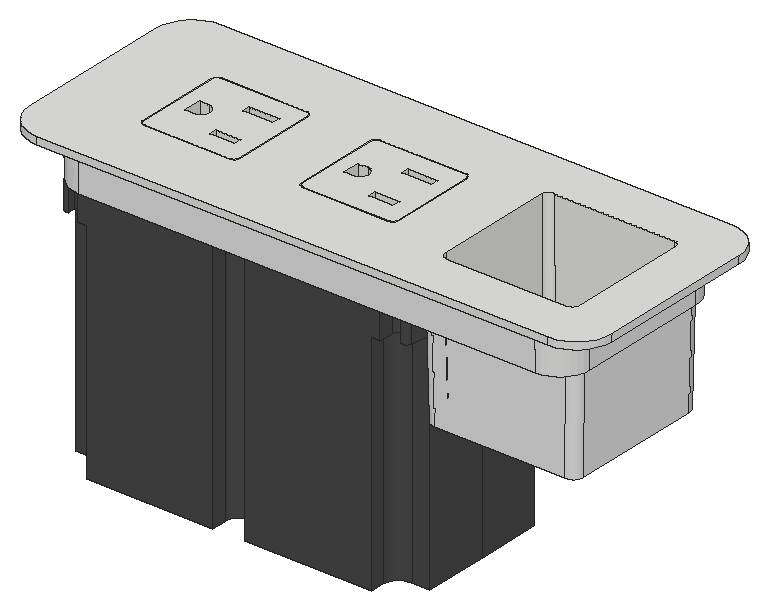
Revit family "Electrical-Teknion-YEFPW_Flush_Power_Module_WE_Connect-R2022", category Furniture, Revit 2023 (continued)
Lines and regions (in)
  symbolic lines, style "FurnitureHiddenLines", visible <- "2D - T", detail levels medium+fine
    curve 99: line (2.89349, -0.74041, 0) -> (2.89349, 0.74041, 0)
    curve 100: arc (2.89349, 0.74041, 0) -> (2.79331, 0.98226, 0) -> (2.55147, 1.08243, 0) r 0.34202
    curve 101: line (-1.03481, 0.9944, 0) -> (-2.54164, 0.9944, 0)
    curve 102: arc (-2.54164, 0.9944, 0) -> (-2.55736, 0.79927, 0) -> (-2.75309, 0.79569, 0) r 0.1458
    curve 103: arc (-2.75309, 0.79569, 0) -> (-2.7867, 0.80062, 0) -> (-2.80509, 0.77206, 0) r 0.03136
    curve 104: line (-2.80509, 0.77206, 0) -> (-2.80509, -0.77206, 0)
    curve 105: arc (-2.80509, -0.77206, 0) -> (-2.7867, -0.80062, 0) -> (-2.75309, -0.79569, 0) r 0.03136
    curve 106: arc (-2.75309, -0.79569, 0) -> (-2.55736, -0.79927, 0) -> (-2.54164, -0.9944, 0) r 0.1458
    curve 107: line (-2.54164, -0.9944, 0) -> (-1.03481, -0.9944, 0)
    curve 108: arc (-1.03481, -0.9944, 0) -> (-0.88555, -0.73179, 0) -> (-0.73628, -0.9944, 0) r 0.17373
    curve 109: line (-0.73628, -0.9944, 0) -> (0.77001, -0.9944, 0)
    curve 110: arc (0.77001, -0.9944, 0) -> (0.78574, -0.79927, 0) -> (0.98147, -0.79569, 0) r 0.1458
    curve 111: arc (0.98147, -0.79569, 0) -> (1.01508, -0.80062, 0) -> (1.03346, -0.77206, 0) r 0.03136
    curve 112: line (1.03346, -0.77206, 0) -> (1.03346, 0.77206, 0)
    curve 113: arc (1.03346, 0.77206, 0) -> (1.01508, 0.80062, 0) -> (0.98147, 0.79569, 0) r 0.03136
    curve 114: arc (0.98147, 0.79569, 0) -> (0.78574, 0.79927, 0) -> (0.77001, 0.9944, 0) r 0.1458
    curve 115: line (0.77001, 0.9944, 0) -> (-0.73628, 0.9944, 0)
    curve 116: arc (-0.73628, 0.9944, 0) -> (-0.88555, 0.73179, 0) -> (-1.03481, 0.9944, 0) r 0.17373
    curve 117: line (2.71611, 0.8657, 0) -> (1.2209, 0.8657, 0)
    curve 118: arc (1.2209, 0.8657, 0) -> (1.13739, 0.83111, 0) -> (1.10281, 0.74761, 0) r 0.11809
    curve 119: line (1.10281, 0.74761, 0) -> (1.10281, -0.74761, 0)
    curve 120: arc (1.10281, -0.74761, 0) -> (1.13739, -0.83111, 0) -> (1.2209, -0.8657, 0) r 0.11809
    curve 121: line (1.2209, -0.8657, 0) -> (2.71611, -0.8657, 0)
    curve 122: arc (2.71611, -0.8657, 0) -> (2.79961, -0.83111, 0) -> (2.8342, -0.74761, 0) r 0.11809
    curve 123: line (2.8342, -0.74761, 0) -> (2.8342, 0.74761, 0)
    curve 124: arc (2.8342, 0.74761, 0) -> (2.79961, 0.83111, 0) -> (2.71611, 0.8657, 0) r 0.11809
    curve 133: line (2.44072, 0.72054, 0) -> (1.49629, 0.72054, 0)
    curve 134: line (1.54479, 0.64593, 0) -> (2.39221, 0.64593, 0)
    curve 135: line (1.32258, -0.42371, 0) -> (1.32258, 0.42371, 0)
    curve 136: line (1.24796, 0.47221, 0) -> (1.24796, -0.47221, 0)
    curve 137: arc (1.24796, 0.47221, 0) -> (1.50226, 0.46625, 0) -> (1.49629, 0.72054, 0) r 0.17579
    curve 138: arc (2.44072, 0.72054, 0) -> (2.43475, 0.46625, 0) -> (2.68905, 0.47221, 0) r 0.17579
    curve 139: line (2.61443, 0.42371, 0) -> (2.61443, -0.42371, 0)
    curve 140: line (2.68905, -0.47221, 0) -> (2.68905, 0.47221, 0)
    curve 141: line (2.39221, -0.64593, 0) -> (1.54479, -0.64593, 0)
    curve 142: line (1.49629, -0.72054, 0) -> (2.44072, -0.72054, 0)
    curve 143: arc (1.49629, -0.72054, 0) -> (1.50226, -0.46625, 0) -> (1.24796, -0.47221, 0) r 0.17579
    curve 144: arc (2.68905, -0.47221, 0) -> (2.43475, -0.46625, 0) -> (2.44072, -0.72054, 0) r 0.17579
  symbolic lines, style "Furniture", visible <- "2D - T"
    curve 125: line (1.2191, 0.67068, 0) -> (1.2191, -0.67068, 0)
    curve 126: line (1.29783, -0.74941, 0) -> (2.63918, -0.74941, 0)
    curve 127: arc (1.2191, -0.67068, 0) -> (1.24216, -0.72635, 0) -> (1.29783, -0.74941, 0) r 0.07873
    curve 128: line (2.71791, -0.67068, 0) -> (2.71791, 0.67068, 0)
    curve 129: arc (2.63918, -0.74941, 0) -> (2.69485, -0.72635, 0) -> (2.71791, -0.67068, 0) r 0.07873
    curve 130: line (2.63918, 0.74941, 0) -> (1.29783, 0.74941, 0)
    curve 131: arc (2.71791, 0.67068, 0) -> (2.69485, 0.72635, 0) -> (2.63918, 0.74941, 0) r 0.07873
    curve 132: arc (1.29783, 0.74941, 0) -> (1.24216, 0.72635, 0) -> (1.2191, 0.67068, 0) r 0.07873
  symbolic lines, visible <- "2D - T"
    curve 145: line (-2.24545, 0.54271, 0) -> (-1.2978, 0.54271, 0)
    curve 146: arc (-1.2978, 0.54271, 0) -> (-1.24909, 0.52254, 0) -> (-1.22891, 0.47383, 0) r 0.06889
    curve 147: line (-1.22891, 0.47383, 0) -> (-1.22891, -0.47383, 0)
    curve 148: arc (-1.22891, -0.47383, 0) -> (-1.24909, -0.52254, 0) -> (-1.2978, -0.54271, 0) r 0.06889
    curve 149: line (-1.2978, -0.54271, 0) -> (-2.24545, -0.54271, 0)
    curve 150: arc (-2.24545, -0.54271, 0) -> (-2.29416, -0.52254, 0) -> (-2.31434, -0.47383, 0) r 0.06889
    curve 151: line (-2.31434, -0.47383, 0) -> (-2.31434, 0.47383, 0)
    curve 152: arc (-2.31434, 0.47383, 0) -> (-2.29416, 0.52254, 0) -> (-2.24545, 0.54271, 0) r 0.06889
    curve 153: line (-0.47383, 0.54271, 0) -> (0.47383, 0.54271, 0)
    curve 154: arc (0.47383, 0.54271, 0) -> (0.52254, 0.52254, 0) -> (0.54271, 0.47383, 0) r 0.06889
    curve 155: line (0.54271, 0.47383, 0) -> (0.54271, -0.47383, 0)
    curve 156: arc (0.54271, -0.47383, 0) -> (0.52254, -0.52254, 0) -> (0.47383, -0.54271, 0) r 0.06889
    curve 157: line (0.47383, -0.54271, 0) -> (-0.47383, -0.54271, 0)
    curve 158: arc (-0.47383, -0.54271, 0) -> (-0.52254, -0.52254, 0) -> (-0.54271, -0.47383, 0) r 0.06889
    curve 159: line (-0.54271, -0.47383, 0) -> (-0.54271, 0.47383, 0)
    curve 160: arc (-0.54271, 0.47383, 0) -> (-0.52254, 0.52254, 0) -> (-0.47383, 0.54271, 0) r 0.06889
    curve 161: line (2.61444, 0.72467, 0) -> (1.32257, 0.72467, 0)
    curve 162: arc (1.32257, 0.72467, 0) -> (1.2669, 0.70161, 0) -> (1.24384, 0.64594, 0) r 0.07873
    curve 163: line (1.24384, 0.64594, 0) -> (1.24384, -0.64594, 0)
    curve 164: arc (1.24384, -0.64594, 0) -> (1.2669, -0.70161, 0) -> (1.32257, -0.72467, 0) r 0.07873
    curve 165: line (1.32257, -0.72467, 0) -> (2.61444, -0.72467, 0)
    curve 166: arc (2.61444, -0.72467, 0) -> (2.67011, -0.70161, 0) -> (2.69317, -0.64594, 0) r 0.07873
    curve 167: line (2.69317, -0.64594, 0) -> (2.69317, 0.64594, 0)
    curve 168: arc (2.69317, 0.64594, 0) -> (2.67011, 0.70161, 0) -> (2.61444, 0.72467, 0) r 0.07873
  symbolic lines, style "FurnitureHiddenLines", visible <- "Body 3 - 3R", detail levels medium+fine
    curve 169: line (2.57222, -1.06299, 0) -> (2.57499, -0.90407, 0)
    curve 170: arc (2.57499, -0.90407, 0) -> (2.65748, -0.82158, 0) -> (2.73997, -0.90407, 0) r 0.08249
    curve 171: line (2.73997, -0.90407, 0) -> (2.74128, -0.97947, 0)
    curve 172: arc (2.74128, -0.97947, 0) -> (2.79245, -0.97731, 0) -> (2.82271, -0.93599, 0) r 0.05908
    curve 173: line (2.82271, -0.93599, 0) -> (2.8613, -0.72835, 0)
    curve 174: line (2.8613, -0.72835, 0) -> (2.87402, 0, 0)
    curve 175: line (2.87402, 0, 0) -> (2.8613, 0.72835, 0)
    curve 176: line (2.8613, 0.72835, 0) -> (2.82271, 0.93599, 0)
    curve 177: arc (2.82271, 0.93599, 0) -> (2.79245, 0.97731, 0) -> (2.74128, 0.97947, 0) r 0.05908
    curve 178: line (2.74128, 0.97947, 0) -> (2.73997, 0.90407, 0)
    curve 179: arc (2.73997, 0.90407, 0) -> (2.65748, 0.82158, 0) -> (2.57499, 0.90407, 0) r 0.08249
    curve 180: line (2.57499, 0.90407, 0) -> (2.57222, 1.06299, 0)
    curve 181: line (2.57222, 1.06299, 0) -> (1.06577, 1.06299, 0)
    curve 182: line (1.06577, 1.06299, 0) -> (1.06297, 0.90242, 0)
    curve 183: arc (1.06297, 0.90242, 0) -> (0.88892, 0.72531, 0) -> (0.7088, 0.89624, 0) r 0.17714
    curve 184: line (0.7088, 0.89624, 0) -> (0.70589, 1.06299, 0)
    curve 185: line (0.70589, 1.06299, 0) -> (-0.70584, 1.06299, 0)
    curve 186: line (-0.70584, 1.06299, 0) -> (-0.70869, 0.90242, 0)
    curve 187: arc (-0.70869, 0.90242, 0) -> (-0.88583, 0.72528, 0) -> (-1.06297, 0.90242, 0) r 0.17714
    curve 188: line (-1.06297, 0.90242, 0) -> (-1.06572, 1.06299, 0)
    curve 189: line (-1.06572, 1.06299, 0) -> (-2.57222, 1.06299, 0)
    curve 190: line (-2.57222, 1.06299, 0) -> (-2.57499, 0.90407, 0)
    curve 191: arc (-2.57499, 0.90407, 0) -> (-2.65748, 0.82158, 0) -> (-2.73997, 0.90407, 0) r 0.08249
    curve 192: line (-2.73997, 0.90407, 0) -> (-2.74128, 0.97947, 0)
    curve 193: arc (-2.74128, 0.97947, 0) -> (-2.79245, 0.97731, 0) -> (-2.82271, 0.93599, 0) r 0.05908
    curve 194: line (-2.82271, 0.93599, 0) -> (-2.8613, 0.72835, 0)
    curve 195: line (-2.8613, 0.72835, 0) -> (-2.87402, 0, 0)
    curve 196: line (-2.87402, 0, 0) -> (-2.8613, -0.72835, 0)
    curve 197: line (-2.8613, -0.72835, 0) -> (-2.82271, -0.93599, 0)
    curve 198: arc (-2.82271, -0.93599, 0) -> (-2.79245, -0.97731, 0) -> (-2.74128, -0.97947, 0) r 0.05908
    curve 199: line (-2.74128, -0.97947, 0) -> (-2.73997, -0.90407, 0)
    curve 200: arc (-2.73997, -0.90407, 0) -> (-2.65748, -0.82158, 0) -> (-2.57499, -0.90407, 0) r 0.08249
    curve 201: line (-2.57499, -0.90407, 0) -> (-2.57222, -1.06299, 0)
    curve 202: line (-2.57222, -1.06299, 0) -> (-1.06572, -1.06299, 0)
    curve 203: line (-1.06572, -1.06299, 0) -> (-1.06297, -0.90242, 0)
    curve 204: arc (-1.06297, -0.90242, 0) -> (-0.88583, -0.72528, 0) -> (-0.70869, -0.90242, 0) r 0.17714
    curve 205: line (-0.70869, -0.90242, 0) -> (-0.70584, -1.06299, 0)
    curve 206: line (-0.70584, -1.06299, 0) -> (0.70589, -1.06299, 0)
    curve 207: line (0.70589, -1.06299, 0) -> (0.7088, -0.89624, 0)
    curve 208: arc (0.7088, -0.89624, 0) -> (0.88892, -0.72531, 0) -> (1.06297, -0.90242, 0) r 0.17714
    curve 209: line (1.06297, -0.90242, 0) -> (1.06577, -1.06299, 0)
    curve 210: line (1.06577, -1.06299, 0) -> (2.57222, -1.06299, 0)
    curve 211: line (1.06405, 0.96457, 0) -> (2.47926, 0.96457, 0)
    curve 212: line (2.47926, 0.96457, 0) -> (2.48029, 0.90554, 0)
    curve 213: arc (2.48029, 0.90554, 0) -> (2.53219, 0.78025, 0) -> (2.65748, 0.72835, 0) r 0.17719
    curve 214: line (2.65748, 0.72835, 0) -> (2.76288, 0.72835, 0)
    curve 215: line (2.76288, 0.72835, 0) -> (2.77559, 0, 0)
    curve 216: line (2.77559, 0, 0) -> (2.76288, -0.72835, 0)
    curve 217: line (2.76288, -0.72835, 0) -> (2.65748, -0.72835, 0)
    curve 218: arc (2.65748, -0.72835, 0) -> (2.53219, -0.78025, 0) -> (2.48029, -0.90554, 0) r 0.17719
    curve 219: line (2.48029, -0.90554, 0) -> (2.47926, -0.96457, 0)
    curve 220: line (2.47926, -0.96457, 0) -> (1.06405, -0.96457, 0)
    curve 221: line (0.70788, 0.96457, 0) -> (-0.70739, 0.96457, 0)
    curve 222: line (0.70788, -0.96457, 0) -> (-0.70739, -0.96457, 0)
    curve 223: line (-1.06383, 0.96456, 0) -> (-2.47898, 0.96456, 0)
    curve 224: line (-2.47898, 0.96456, 0) -> (-2.48001, 0.90554, 0)
    curve 225: arc (-2.48001, 0.90554, 0) -> (-2.53191, 0.78025, 0) -> (-2.6572, 0.72835, 0) r 0.17719
    curve 226: line (-2.6572, 0.72835, 0) -> (-2.7626, 0.72835, 0)
    curve 227: line (-2.7626, 0.72835, 0) -> (-2.77531, 0, 0)
    curve 228: line (-2.77531, 0, 0) -> (-2.7626, -0.72835, 0)
    curve 229: line (-2.7626, -0.72835, 0) -> (-2.6572, -0.72835, 0)
    curve 230: arc (-2.6572, -0.72835, 0) -> (-2.53191, -0.78025, 0) -> (-2.48001, -0.90554, 0) r 0.17719
    curve 231: line (-2.48001, -0.90554, 0) -> (-2.47898, -0.96456, 0)
    curve 232: line (-2.47898, -0.96456, 0) -> (-1.06383, -0.96456, 0)
  symbolic lines, style "FurnitureHiddenLines", visible <- "Body 2 - C & 2R", detail levels medium+fine
    curve 233: line (-0.17822, -0.96457, 0) -> (-1.59343, -0.96457, 0)
    curve 234: line (-1.59343, -0.96457, 0) -> (-1.59446, -0.90554, 0)
    curve 235: arc (-1.59446, -0.90554, 0) -> (-1.64636, -0.78025, 0) -> (-1.77165, -0.72835, 0) r 0.17719
    curve 236: line (-1.77165, -0.72835, 0) -> (-1.87705, -0.72835, 0)
    curve 237: line (-1.87705, -0.72835, 0) -> (-1.88976, 0, 0)
    curve 238: line (-1.88976, 0, 0) -> (-1.87705, 0.72835, 0)
    curve 239: line (-1.87705, 0.72835, 0) -> (-1.77165, 0.72835, 0)
    curve 240: arc (-1.77165, 0.72835, 0) -> (-1.64636, 0.78025, 0) -> (-1.59446, 0.90554, 0) r 0.17719
    curve 241: line (-1.59446, 0.90554, 0) -> (-1.59343, 0.96457, 0)
    curve 242: line (-1.59343, 0.96457, 0) -> (-0.17822, 0.96457, 0)
    curve 243: line (0.17822, -0.96457, 0) -> (1.59343, -0.96457, 0)
    curve 244: line (1.59343, -0.96457, 0) -> (1.59446, -0.90554, 0)
    curve 245: arc (1.59446, -0.90554, 0) -> (1.64636, -0.78025, 0) -> (1.77165, -0.72835, 0) r 0.17719
    curve 246: line (1.77165, -0.72835, 0) -> (1.87705, -0.72835, 0)
    curve 247: line (1.87705, -0.72835, 0) -> (1.88976, 0, 0)
    curve 248: line (1.88976, 0, 0) -> (1.87705, 0.72835, 0)
    curve 249: line (1.87705, 0.72835, 0) -> (1.77165, 0.72835, 0)
    curve 250: arc (1.77165, 0.72835, 0) -> (1.64636, 0.78025, 0) -> (1.59446, 0.90554, 0) r 0.17719
    curve 251: line (1.59446, 0.90554, 0) -> (1.59343, 0.96457, 0)
    curve 252: line (1.59343, 0.96457, 0) -> (0.17822, 0.96457, 0)
    curve 253: arc (1.68917, 0.90407, 0) -> (1.77165, 0.82158, 0) -> (1.85414, 0.90407, 0) r 0.08249
    curve 254: line (1.85414, 0.90407, 0) -> (1.85546, 0.97947, 0)
    curve 255: arc (1.85546, 0.97947, 0) -> (1.90662, 0.97731, 0) -> (1.93688, 0.93599, 0) r 0.05908
    curve 256: line (1.93688, 0.93599, 0) -> (1.97548, 0.72835, 0)
    curve 257: line (1.97548, 0.72835, 0) -> (1.98819, 0, 0)
    curve 258: line (1.98819, 0, 0) -> (1.97548, -0.72835, 0)
    curve 259: line (1.97548, -0.72835, 0) -> (1.93688, -0.93599, 0)
    curve 260: arc (1.93688, -0.93599, 0) -> (1.90662, -0.97731, 0) -> (1.85546, -0.97947, 0) r 0.05908
    curve 261: line (1.85546, -0.97947, 0) -> (1.85414, -0.90407, 0)
    curve 262: arc (1.85414, -0.90407, 0) -> (1.77165, -0.82158, 0) -> (1.68917, -0.90407, 0) r 0.08249
    curve 263: line (1.68917, -0.90407, 0) -> (1.68639, -1.06299, 0)
    curve 264: line (1.68639, -1.06299, 0) -> (0.17994, -1.06299, 0)
    curve 265: line (0.17994, -1.06299, 0) -> (0.17714, -0.90242, 0)
    curve 266: arc (0.17714, -0.90242, 0) -> (0, -0.72528, 0) -> (-0.17714, -0.90242, 0) r 0.17714
    curve 267: line (-0.17714, -0.90242, 0) -> (-0.17994, -1.06299, 0)
    curve 268: line (-0.17994, -1.06299, 0) -> (-1.68639, -1.06299, 0)
    curve 269: line (-1.68639, -1.06299, 0) -> (-1.68917, -0.90407, 0)
    curve 270: arc (-1.68917, -0.90407, 0) -> (-1.77165, -0.82158, 0) -> (-1.85414, -0.90407, 0) r 0.08249
    curve 271: line (-1.85414, -0.90407, 0) -> (-1.85546, -0.97947, 0)
    curve 272: arc (-1.85546, -0.97947, 0) -> (-1.90662, -0.97731, 0) -> (-1.93688, -0.93599, 0) r 0.05908
    curve 273: line (-1.93688, -0.93599, 0) -> (-1.97548, -0.72835, 0)
    curve 274: line (-1.97548, -0.72835, 0) -> (-1.98819, 0, 0)
    curve 275: line (-1.98819, 0, 0) -> (-1.97548, 0.72835, 0)
    curve 276: line (-1.97548, 0.72835, 0) -> (-1.93688, 0.93599, 0)
    curve 277: arc (-1.93688, 0.93599, 0) -> (-1.90662, 0.97731, 0) -> (-1.85546, 0.97947, 0) r 0.05908
    curve 278: line (-1.85546, 0.97947, 0) -> (-1.85414, 0.90407, 0)
    curve 279: arc (-1.85414, 0.90407, 0) -> (-1.77165, 0.82158, 0) -> (-1.68917, 0.90407, 0) r 0.08249
    curve 280: line (-1.68917, 0.90407, 0) -> (-1.68639, 1.06299, 0)
    curve 281: line (-1.68639, 1.06299, 0) -> (-0.17994, 1.06299, 0)
    curve 282: line (-0.17994, 1.06299, 0) -> (-0.17714, 0.90242, 0)
    curve 283: arc (-0.17714, 0.90242, 0) -> (0, 0.72528, 0) -> (0.17714, 0.90242, 0) r 0.17714
    curve 284: line (0.17714, 0.90242, 0) -> (0.17994, 1.06299, 0)
    curve 285: line (0.17994, 1.06299, 0) -> (1.68639, 1.06299, 0)
    curve 286: line (1.68639, 1.06299, 0) -> (1.68917, 0.90407, 0)
  symbolic lines, style "FurnitureHiddenLines", visible <- "Body 2 - T", detail levels medium+fine
    curve 287: line (-1.06383, -0.96456, 0) -> (-2.47898, -0.96456, 0)
    curve 288: line (-2.47898, -0.96456, 0) -> (-2.48001, -0.90554, 0)
    curve 289: arc (-2.48001, -0.90554, 0) -> (-2.53191, -0.78025, 0) -> (-2.6572, -0.72835, 0) r 0.17719
    curve 290: line (-2.6572, -0.72835, 0) -> (-2.7626, -0.72835, 0)
    curve 291: line (-2.7626, -0.72835, 0) -> (-2.77531, 0, 0)
    curve 292: line (-2.77531, 0, 0) -> (-2.7626, 0.72835, 0)
    curve 293: line (-2.7626, 0.72835, 0) -> (-2.6572, 0.72835, 0)
    curve 294: arc (-2.6572, 0.72835, 0) -> (-2.53191, 0.78025, 0) -> (-2.48001, 0.90554, 0) r 0.17719
    curve 295: line (-2.48001, 0.90554, 0) -> (-2.47898, 0.96456, 0)
    curve 296: line (-2.47898, 0.96456, 0) -> (-1.06383, 0.96456, 0)
    curve 297: line (-0.70739, -0.96457, 0) -> (0.70788, -0.96457, 0)
    curve 298: line (0.70788, -0.96457, 0) -> (0.70891, -0.90554, 0)
    curve 299: arc (0.70891, -0.90554, 0) -> (0.76081, -0.78025, 0) -> (0.8861, -0.72835, 0) r 0.17719
    curve 300: line (0.8861, -0.72835, 0) -> (0.9915, -0.72835, 0)
    curve 301: line (0.9915, -0.72835, 0) -> (1.00421, 0, 0)
    curve 302: line (1.00421, 0, 0) -> (0.9915, 0.72835, 0)
    curve 303: line (0.9915, 0.72835, 0) -> (0.8861, 0.72835, 0)
    curve 304: arc (0.8861, 0.72835, 0) -> (0.76081, 0.78025, 0) -> (0.70891, 0.90554, 0) r 0.17719
    curve 305: line (0.70891, 0.90554, 0) -> (0.70788, 0.96457, 0)
    curve 306: line (0.70788, 0.96457, 0) -> (-0.70739, 0.96457, 0)
    curve 307: line (-0.70584, 1.06299, 0) -> (0.80084, 1.06299, 0)
    curve 308: line (0.80084, 1.06299, 0) -> (0.80362, 0.90407, 0)
    curve 309: arc (0.80362, 0.90407, 0) -> (0.8861, 0.82158, 0) -> (0.96859, 0.90407, 0) r 0.08249
    curve 310: line (0.96859, 0.90407, 0) -> (0.96991, 0.97947, 0)
    curve 311: arc (0.96991, 0.97947, 0) -> (1.02108, 0.97731, 0) -> (1.05133, 0.93599, 0) r 0.05908
    curve 312: line (1.05133, 0.93599, 0) -> (1.08993, 0.72835, 0)
    curve 313: line (1.08993, 0.72835, 0) -> (1.10264, 0, 0)
    curve 314: line (1.10264, 0, 0) -> (1.08993, -0.72835, 0)
    curve 315: line (1.08993, -0.72835, 0) -> (1.05133, -0.93599, 0)
    curve 316: arc (1.05133, -0.93599, 0) -> (1.02108, -0.97731, 0) -> (0.96991, -0.97947, 0) r 0.05908
    curve 317: line (0.96991, -0.97947, 0) -> (0.96859, -0.90407, 0)
    curve 318: arc (0.96859, -0.90407, 0) -> (0.8861, -0.82158, 0) -> (0.80362, -0.90407, 0) r 0.08249
    curve 319: line (0.80362, -0.90407, 0) -> (0.80084, -1.06299, 0)
    curve 320: line (0.80084, -1.06299, 0) -> (-0.70584, -1.06299, 0)
    curve 321: line (-0.70584, -1.06299, 0) -> (-0.70836, -0.90242, 0)
    curve 322: arc (-0.70836, -0.90242, 0) -> (-0.8855, -0.72528, 0) -> (-1.06264, -0.90242, 0) r 0.17714
    curve 323: line (-1.06264, -0.90242, 0) -> (-1.06572, -1.06299, 0)
    curve 324: line (-1.06572, -1.06299, 0) -> (-2.57222, -1.06299, 0)
    curve 325: line (-2.57222, -1.06299, 0) -> (-2.57471, -0.90407, 0)
    curve 326: arc (-2.57471, -0.90407, 0) -> (-2.6572, -0.82158, 0) -> (-2.73969, -0.90407, 0) r 0.08249
    curve 327: line (-2.73969, -0.90407, 0) -> (-2.74101, -0.97947, 0)
    curve 328: arc (-2.74101, -0.97947, 0) -> (-2.79217, -0.97731, 0) -> (-2.82243, -0.93599, 0) r 0.05908
    curve 329: line (-2.82243, -0.93599, 0) -> (-2.86102, -0.72835, 0)
    curve 330: line (-2.86102, -0.72835, 0) -> (-2.87374, 0, 0)
    curve 331: line (-2.87374, 0, 0) -> (-2.86102, 0.72835, 0)
    curve 332: line (-2.86102, 0.72835, 0) -> (-2.82243, 0.93599, 0)
    curve 333: arc (-2.82243, 0.93599, 0) -> (-2.79217, 0.97731, 0) -> (-2.74101, 0.97947, 0) r 0.05908
    curve 334: line (-2.74101, 0.97947, 0) -> (-2.73969, 0.90407, 0)
    curve 335: arc (-2.73969, 0.90407, 0) -> (-2.6572, 0.82158, 0) -> (-2.57471, 0.90407, 0) r 0.08249
    curve 336: line (-2.57471, 0.90407, 0) -> (-2.57222, 1.06299, 0)
    curve 337: line (-2.57222, 1.06299, 0) -> (-1.06572, 1.06299, 0)
    curve 338: line (-1.06572, 1.06299, 0) -> (-1.06264, 0.90242, 0)
    curve 339: arc (-1.06264, 0.90242, 0) -> (-0.8855, 0.72528, 0) -> (-0.70836, 0.90242, 0) r 0.17714
    curve 340: line (-0.70836, 0.90242, 0) -> (-0.70584, 1.06299, 0)
  reference lines
    curve 341: line (-3.248, 1.2795, 0) -> (-3.248, -1.2795, 0)
    curve 342: line (3.248, 1.2795, 0) -> (3.248, -1.2795, 0)
    curve 343: line (-3.248, 1.2795, 0) -> (3.248, 1.2795, 0)
    curve 344: line (-3.248, -1.2795, 0) -> (3.248, -1.2795, 0)
Dimensions and locks (in)
  locked: plane 4 "Left" to plane 5 "Right" at 4.724
  locked: plane 6 "Back" to plane 7 "Front" at 4.724
  locked: plane 8 "Top" to level at 29.07874
  plane 8 "Top" to plane 9 to plane 10 = 0.07874" locked, 3.30709" locked
  equal spacing: plane 6 "Back", plane 1 "Center Front/Back", plane 7 "Front"
  equal spacing: plane 4 "Left", plane 3 "Center Left/Right", plane 5 "Right"
  SweptBlend 10 sketch curve to plane 3 "Center Left/Right" to SweptBlend 10 sketch curve = 2.89342" locked, 2.89349" locked
  SweptBlend 10 sketch curve to plane 1 "Center Front/Back" to SweptBlend 10 sketch curve = 1.08243" locked, 1.08243" locked
  SweptBlend 10 sketch curve to plane 1 "Center Front/Back" to SweptBlend 10 sketch curve = 1.07443" locked, 1.07443" locked
  SweptBlend 10 sketch curve to plane 3 "Center Left/Right" to SweptBlend 10 sketch curve = 2.88542" locked, 2.88549" locked
  locked: SweptBlend 8 sketch curve to plane 3 "Center Left/Right" at 0.88555
  locked: plane 3 "Center Left/Right" to SweptBlend 12 sketch curve at 1.9685
  locked: plane 3 "Center Left/Right" to SweptBlend 14 sketch curve at 1.9685
  locked: plane 3 "Center Left/Right" to SweptBlend 13 sketch curve at 1.9685
  SweptBlend 15 sketch curve to plane 3 "Center Left/Right" = 0.88555"
  locked: plane 3 "Center Left/Right" to Sweep 16 sketch curve at 1.98819
  locked: plane 3 "Center Left/Right" to Sweep 17 sketch curve at 1.97548
  equal spacing: plane 11, plane 3 "Center Left/Right", plane 12
  equal spacing: plane 14, plane 1 "Center Front/Back", plane 13
  "Width": plane 11 to plane 12
  "Depth": plane 13 to plane 14
  aligned and locked: level to plane 2
  aligned and locked: Sweep 1 sketch curve to plane 3 "Center Left/Right"
  aligned and locked: plane 9 to Sweep 1 sketch curve
  aligned and locked: plane 8 "Top" to Sweep 1 sketch curve
  aligned and locked: plane 1 "Center Front/Back" to Sweep 1 sketch curve
  aligned and locked: plane 3 "Center Left/Right" to Sweep 1 sketch curve
  aligned and locked: SweptBlend 2 sketch curve to plane 3 "Center Left/Right"
  aligned and locked: plane 9 to SweptBlend 2 sketch curve
  aligned and locked: plane 9 to SweptBlend 3 sketch curve
  aligned and locked: SweptBlend 3 sketch curve to plane 3 "Center Left/Right"
  aligned and locked: Sweep 6 sketch curve to plane 3 "Center Left/Right"
  aligned and locked: plane 8 "Top" to Sweep 6 sketch curve
  aligned and locked: plane 9 to Sweep 6 sketch curve
  aligned and locked: Sweep 9 sketch curve to plane 3 "Center Left/Right"
  aligned and locked: plane 8 "Top" to Sweep 9 sketch curve
  aligned and locked: plane 9 to Sweep 9 sketch curve
  aligned and locked: Sweep 11 sketch curve to plane 3 "Center Left/Right"
  aligned and locked: plane 9 to Sweep 11 sketch curve
  aligned and locked: plane 8 "Top" to Sweep 11 sketch curve
  aligned and locked: plane 3 "Center Left/Right" to nested 1
  aligned and locked: plane 1 "Center Front/Back" to nested 1
  aligned and locked: plane 3 "Center Left/Right" to nested 2
  aligned and locked: plane 1 "Center Front/Back" to nested 5
  aligned and locked: plane 1 "Center Front/Back" to nested 3
  aligned and locked: plane 1 "Center Front/Back" to nested 4
  aligned and locked: plane 1 "Center Front/Back" to nested 7
  aligned and locked: plane 1 "Center Front/Back" to nested 8
  aligned and locked: plane 1 "Center Front/Back" to nested 9
  aligned and locked: plane 1 "Center Front/Back" to nested 10
  aligned and locked: plane 1 "Center Front/Back" to nested 11
  aligned and locked: plane 1 "Center Front/Back" to nested 12
  aligned and locked: plane 1 "Center Front/Back" to nested 13
  aligned and locked: plane 1 "Center Front/Back" to nested 14
  aligned and locked: Masking region 1 sketch curve to cut or joined group of Sweep 1, SweptBlend 2, SweptBlend 3  (x2)
  aligned and locked: SweptBlend 7 sketch curve to plane 3 "Center Left/Right"
  aligned and locked: Masking region 2 sketch curve to cut or joined group of SweptBlend 10, Sweep 11, SweptBlend 12, SweptBlend 13, SweptBlend 14, SweptBlend 15  (x4)
  aligned and locked: Masking region 3 sketch curve to cut or joined group of SweptBlend 7, SweptBlend 8, Sweep 9  (x4)
  aligned and locked: Masking region 4 sketch curve to cut or joined group of SweptBlend 4, SweptBlend 5, Sweep 6  (x4)
  aligned and locked: SweptBlend 18 sketch curve to nested 2
  aligned and locked: SweptBlend 10 sketch curve to plane 3 "Center Left/Right"
  aligned and locked: SweptBlend 5 sketch curve to plane 3 "Center Left/Right"
  aligned and locked: SweptBlend 4 sketch curve to plane 3 "Center Left/Right"
  aligned and locked: curve 341 to plane 11
  aligned and locked: plane 12 to curve 342
  aligned and locked: curve 343 to plane 13
  aligned and locked: plane 14 to curve 344
  aligned and locked: plane 1 "Center Front/Back" to nested 15
  aligned and locked: plane 3 "Center Left/Right" to nested 15
Automatic sketch dimensions
  plane 1 "Center Front/Back" to Sweep 1 sketch curve = 0.000"
  Sweep 1 sketch curve to plane 1 "Center Front/Back" = 0.000"
  Sweep 1 sketch curve to plane 1 "Center Front/Back" = 0.47383"  (x4)
  Sweep 1 sketch curve to Sweep 1 sketch curve = 0.06889"  (x4)
  plane 1 "Center Front/Back" to Sweep 1 sketch curve = 0.47383"  (x4)
  Sweep 1 sketch curve to Sweep 1 sketch curve = 0.000"  (x2)
  profile plane to Sweep 1 sketch curve = 0.34311"
  Sweep 1 sketch curve to Sweep 1 sketch curve = 0.94765"  (x2)
  Sweep 1 sketch curve to profile plane = 0.34311"
  Sweep 1 sketch curve to Sweep 1 sketch curve = 0.93366"
  SweptBlend 2 sketch curve to SweptBlend 2 sketch curve = 0.47244"
  SweptBlend 2 sketch curve to plane 1 "Center Front/Back" = 1.08243"
  SweptBlend 2 sketch curve to SweptBlend 2 sketch curve = 0.34202"  (x3)
  plane 1 "Center Front/Back" to SweptBlend 2 sketch curve = 0.74041"  (x4)
  profile plane to SweptBlend 2 sketch curve = 2.00763"
  SweptBlend 2 sketch curve to profile plane = 1.66561"  (x2)
  SweptBlend 2 sketch curve to plane 1 "Center Front/Back" = 1.07443"
  SweptBlend 2 sketch curve to SweptBlend 2 sketch curve = 0.33402"  (x3)
  profile plane to SweptBlend 2 sketch curve = 1.99963"
  SweptBlend 3 sketch curve to plane 9 = 0.47244"
  SweptBlend 3 sketch curve to profile plane = 0.000"  (x4)
  profile plane to SweptBlend 3 sketch curve = 0.1345"  (x2)
  SweptBlend 3 sketch curve to plane 1 "Center Front/Back" = 1.00234"  (x2)
  SweptBlend 3 sketch curve to SweptBlend 3 sketch curve = 0.09683"  (x5)
  SweptBlend 3 sketch curve to SweptBlend 3 sketch curve = 0.13345"  (x8)
  plane 1 "Center Front/Back" to SweptBlend 3 sketch curve = 0.77206"  (x4)
  plane 1 "Center Front/Back" to SweptBlend 3 sketch curve = 0.90551"  (x2)
  SweptBlend 3 sketch curve to SweptBlend 3 sketch curve = 1.53912"  (x4)
  SweptBlend 3 sketch curve to SweptBlend 3 sketch curve = 0.09804"  (x4)
  SweptBlend 3 sketch curve to SweptBlend 3 sketch curve = 0.11652"  (x8)
  SweptBlend 3 sketch curve to SweptBlend 3 sketch curve = 0.03936"  (x2)
  profile plane to SweptBlend 3 sketch curve = 0.14927"  (x2)
  SweptBlend 3 sketch curve to plane 1 "Center Front/Back" = 0.9944"  (x2)
  SweptBlend 3 sketch curve to SweptBlend 3 sketch curve = 0.08889"  (x5)
  SweptBlend 3 sketch curve to SweptBlend 3 sketch curve = 1.50682"  (x4)
  SweptBlend 3 sketch curve to SweptBlend 3 sketch curve = 0.11557"  (x4)
  SweptBlend 3 sketch curve to SweptBlend 3 sketch curve = 0.03136"  (x2)
  SweptBlend 4 sketch curve to plane 9 = 0.000"
  SweptBlend 4 sketch curve to SweptBlend 4 sketch curve = 0.47244"
  SweptBlend 4 sketch curve to plane 1 "Center Front/Back" = 1.08243"
  SweptBlend 4 sketch curve to SweptBlend 4 sketch curve = 0.34202"  (x3)
  plane 1 "Center Front/Back" to SweptBlend 4 sketch curve = 0.74041"  (x4)
  profile plane to SweptBlend 4 sketch curve = 2.00763"
  SweptBlend 4 sketch curve to profile plane = 1.66561"  (x2)
  SweptBlend 4 sketch curve to plane 1 "Center Front/Back" = 1.07443"
  SweptBlend 4 sketch curve to SweptBlend 4 sketch curve = 0.33402"  (x3)
  profile plane to SweptBlend 4 sketch curve = 1.99963"
  SweptBlend 5 sketch curve to plane 9 = 0.000"
  SweptBlend 5 sketch curve to plane 9 = 0.47244"
  SweptBlend 5 sketch curve to profile plane = 0.000"  (x4)
  profile plane to SweptBlend 5 sketch curve = 0.1345"  (x2)
  SweptBlend 5 sketch curve to plane 1 "Center Front/Back" = 1.00234"  (x2)
  SweptBlend 5 sketch curve to SweptBlend 5 sketch curve = 0.09683"  (x5)
  SweptBlend 5 sketch curve to SweptBlend 5 sketch curve = 0.13345"  (x8)
  plane 1 "Center Front/Back" to SweptBlend 5 sketch curve = 0.77206"  (x4)
  plane 1 "Center Front/Back" to SweptBlend 5 sketch curve = 0.90551"  (x2)
  SweptBlend 5 sketch curve to SweptBlend 5 sketch curve = 1.53912"  (x4)
  SweptBlend 5 sketch curve to SweptBlend 5 sketch curve = 0.09804"  (x4)
  SweptBlend 5 sketch curve to SweptBlend 5 sketch curve = 0.11652"  (x8)
  SweptBlend 5 sketch curve to SweptBlend 5 sketch curve = 0.03936"  (x2)
  profile plane to SweptBlend 5 sketch curve = 0.14927"  (x2)
  SweptBlend 5 sketch curve to plane 1 "Center Front/Back" = 0.9944"  (x2)
  SweptBlend 5 sketch curve to SweptBlend 5 sketch curve = 0.08889"  (x5)
  SweptBlend 5 sketch curve to SweptBlend 5 sketch curve = 1.50682"  (x4)
  SweptBlend 5 sketch curve to SweptBlend 5 sketch curve = 0.11557"  (x4)
  SweptBlend 5 sketch curve to SweptBlend 5 sketch curve = 0.03136"  (x2)
  Sweep 6 sketch curve to plane 1 "Center Front/Back" = 1.27953"
  Sweep 6 sketch curve to Sweep 6 sketch curve = 0.39364"  (x3)
  plane 1 "Center Front/Back" to Sweep 6 sketch curve = 0.88589"  (x2)
  profile plane to Sweep 6 sketch curve = 2.36083"
  Sweep 6 sketch curve to profile plane = 1.96719"
  profile plane to Sweep 6 sketch curve = 0.412"
  Sweep 6 sketch curve to plane 1 "Center Front/Back" = 0.54271"  (x2)
  Sweep 6 sketch curve to Sweep 6 sketch curve = 0.06889"  (x6)
  plane 1 "Center Front/Back" to Sweep 6 sketch curve = 0.47383"  (x4)
  Sweep 6 sketch curve to Sweep 6 sketch curve = 0.53865"
  Sweep 6 sketch curve to profile plane = 0.34311"
  Sweep 6 sketch curve to Sweep 6 sketch curve = 0.60754"
  SweptBlend 7 sketch curve to plane 9 = 0.000"
  SweptBlend 7 sketch curve to plane 9 = 0.47244"
  SweptBlend 7 sketch curve to profile plane = 1.07443"
  SweptBlend 7 sketch curve to SweptBlend 7 sketch curve = 0.33402"  (x3)
  profile plane to SweptBlend 7 sketch curve = 0.74041"  (x4)
  profile plane to SweptBlend 7 sketch curve = 2.88542"
  SweptBlend 7 sketch curve to profile plane = 2.55147"  (x2)
  SweptBlend 8 sketch curve to plane 9 = 0.000"
  SweptBlend 8 sketch curve to plane 9 = 0.47244"
  Sweep 9 sketch curve to plane 1 "Center Front/Back" = 1.27953"
  Sweep 9 sketch curve to Sweep 9 sketch curve = 0.39364"  (x3)
  Sweep 9 sketch curve to plane 1 "Center Front/Back" = 0.54271"  (x3)
  Sweep 9 sketch curve to Sweep 9 sketch curve = 0.06889"  (x9)
  plane 1 "Center Front/Back" to Sweep 9 sketch curve = 0.47383"  (x6)
  Sweep 9 sketch curve to Sweep 9 sketch curve = 0.41206"
  plane 1 "Center Front/Back" to Sweep 9 sketch curve = 0.88589"
  profile plane to Sweep 9 sketch curve = 3.248"
  Sweep 9 sketch curve to Sweep 9 sketch curve = 0.54002"  (x2)
  Sweep 9 sketch curve to Sweep 9 sketch curve = 0.94765"  (x2)
  profile plane to Sweep 9 sketch curve = 0.54271"
  Sweep 9 sketch curve to profile plane = 0.47383"
  Sweep 9 sketch curve to Sweep 9 sketch curve = 0.6862"
  SweptBlend 7 sketch curve to profile plane = 1.08243"
  SweptBlend 7 sketch curve to SweptBlend 7 sketch curve = 0.34202"  (x3)
  profile plane to SweptBlend 7 sketch curve = 2.89342"
  SweptBlend 8 sketch curve to profile plane = 0.000"  (x4)
  profile plane to SweptBlend 8 sketch curve = 0.1345"  (x2)
  SweptBlend 8 sketch curve to profile plane = 1.00234"  (x2)
  SweptBlend 8 sketch curve to SweptBlend 8 sketch curve = 0.000"  (x2)
  SweptBlend 8 sketch curve to SweptBlend 8 sketch curve = 0.09683"  (x7)
  SweptBlend 8 sketch curve to SweptBlend 8 sketch curve = 0.13345"  (x8)
  profile plane to SweptBlend 8 sketch curve = 0.77206"  (x4)
  profile plane to SweptBlend 8 sketch curve = 0.90551"  (x4)
  SweptBlend 8 sketch curve to SweptBlend 8 sketch curve = 1.53912"  (x3)
  profile plane to SweptBlend 8 sketch curve = 1.67361"
  SweptBlend 8 sketch curve to SweptBlend 8 sketch curve = 0.09804"  (x4)
  SweptBlend 8 sketch curve to SweptBlend 8 sketch curve = 0.11652"  (x8)
  SweptBlend 8 sketch curve to SweptBlend 8 sketch curve = 0.03936"  (x2)
  SweptBlend 8 sketch curve to SweptBlend 8 sketch curve = 1.5021"  (x2)
  SweptBlend 8 sketch curve to SweptBlend 8 sketch curve = 0.1345"  (x2)
  profile plane to SweptBlend 8 sketch curve = 0.14927"  (x2)
  SweptBlend 8 sketch curve to profile plane = 0.9944"  (x2)
  SweptBlend 8 sketch curve to SweptBlend 8 sketch curve = 0.08889"  (x7)
  SweptBlend 8 sketch curve to SweptBlend 8 sketch curve = 1.50682"  (x3)
  profile plane to SweptBlend 8 sketch curve = 1.65609"
  SweptBlend 8 sketch curve to SweptBlend 8 sketch curve = 0.11557"  (x4)
  SweptBlend 8 sketch curve to SweptBlend 8 sketch curve = 0.03136"  (x2)
  SweptBlend 8 sketch curve to SweptBlend 8 sketch curve = 1.47257"  (x2)
  SweptBlend 8 sketch curve to SweptBlend 8 sketch curve = 0.14927"  (x2)
  SweptBlend 10 sketch curve to plane 9 = 0.000"
  SweptBlend 10 sketch curve to plane 9 = 0.47244"
  SweptBlend 10 sketch curve to SweptBlend 10 sketch curve = 0.34202"  (x3)
  profile plane to SweptBlend 10 sketch curve = 0.74041"  (x2)
  SweptBlend 10 sketch curve to SweptBlend 10 sketch curve = 0.33402"  (x3)
  Sweep 11 sketch curve to plane 1 "Center Front/Back" = 1.27953"
  Sweep 11 sketch curve to Sweep 11 sketch curve = 0.39364"  (x3)
  plane 1 "Center Front/Back" to Sweep 11 sketch curve = 0.88589"  (x2)
  profile plane to Sweep 11 sketch curve = 3.248"
  Sweep 11 sketch curve to profile plane = 2.85436"
  SweptBlend 12 sketch curve to plane 9 = 1.5748"
  SweptBlend 12 sketch curve to plane 9 = 0.47244"
  SweptBlend 12 sketch curve to plane 1 "Center Front/Back" = 0.8657"
  SweptBlend 12 sketch curve to SweptBlend 12 sketch curve = 0.11809"  (x7)
  plane 1 "Center Front/Back" to SweptBlend 12 sketch curve = 0.74761"
  profile plane to SweptBlend 12 sketch curve = 0.8657"
  SweptBlend 12 sketch curve to profile plane = 0.74761"
  SweptBlend 12 sketch curve to plane 1 "Center Front/Back" = 0.84646"
  plane 1 "Center Front/Back" to SweptBlend 12 sketch curve = 0.72836"  (x2)
  profile plane to SweptBlend 12 sketch curve = 0.84646"
  SweptBlend 12 sketch curve to profile plane = 0.72836"
  SweptBlend 13 sketch curve to plane 8 "Top" = 0.000"
  SweptBlend 13 sketch curve to plane 9 = 1.33858"
  SweptBlend 13 sketch curve to plane 1 "Center Front/Back" = 0.74941"
  SweptBlend 13 sketch curve to SweptBlend 13 sketch curve = 0.07873"  (x6)
  plane 1 "Center Front/Back" to SweptBlend 13 sketch curve = 0.67068"  (x2)
  profile plane to SweptBlend 13 sketch curve = 0.74941"
  SweptBlend 13 sketch curve to profile plane = 0.67068"
  SweptBlend 13 sketch curve to plane 1 "Center Front/Back" = 0.72467"
  plane 1 "Center Front/Back" to SweptBlend 13 sketch curve = 0.64594"  (x2)
  profile plane to SweptBlend 13 sketch curve = 0.72467"
  SweptBlend 13 sketch curve to profile plane = 0.64594"
  Sweep 11 sketch curve to plane 1 "Center Front/Back" = 0.54271"  (x2)
  Sweep 11 sketch curve to Sweep 11 sketch curve = 0.06889"  (x6)
  plane 1 "Center Front/Back" to Sweep 11 sketch curve = 0.47383"  (x4)
  Sweep 11 sketch curve to Sweep 11 sketch curve = 0.54002"
  Sweep 11 sketch curve to Sweep 11 sketch curve = 0.94765"
  profile plane to Sweep 11 sketch curve = 0.54271"
  Sweep 11 sketch curve to profile plane = 0.47383"
  SweptBlend 14 sketch curve to plane 9 = 1.5748"
  SweptBlend 14 sketch curve to SweptBlend 14 sketch curve = 0.23622"
  SweptBlend 14 sketch curve to plane 1 "Center Front/Back" = 0.64593"
  SweptBlend 14 sketch curve to SweptBlend 14 sketch curve = 0.05538"  (x5)
  SweptBlend 14 sketch curve to SweptBlend 14 sketch curve = 0.16684"  (x6)
  plane 1 "Center Front/Back" to SweptBlend 14 sketch curve = 0.42371"
  profile plane to SweptBlend 14 sketch curve = 0.64593"
  SweptBlend 14 sketch curve to profile plane = 0.42371"  (x2)
  SweptBlend 14 sketch curve to plane 1 "Center Front/Back" = 0.72054"
  SweptBlend 14 sketch curve to SweptBlend 14 sketch curve = 0.12999"  (x5)
  SweptBlend 14 sketch curve to SweptBlend 14 sketch curve = 0.11629"  (x5)
  plane 1 "Center Front/Back" to SweptBlend 14 sketch curve = 0.47426"  (x2)
  profile plane to SweptBlend 14 sketch curve = 0.72054"
  SweptBlend 14 sketch curve to profile plane = 0.47426"  (x2)
  SweptBlend 15 sketch curve to plane 9 = 0.000"
  SweptBlend 15 sketch curve to plane 9 = 0.47244"
  SweptBlend 15 sketch curve to profile plane = 0.000"  (x4)
  profile plane to SweptBlend 15 sketch curve = 0.1345"  (x2)
  SweptBlend 15 sketch curve to SweptBlend 15 sketch curve = 0.09683"  (x4)
  SweptBlend 15 sketch curve to SweptBlend 15 sketch curve = 0.13345"  (x8)
  profile plane to SweptBlend 15 sketch curve = 0.77206"  (x2)
  profile plane to SweptBlend 15 sketch curve = 0.90551"  (x2)
  SweptBlend 15 sketch curve to SweptBlend 15 sketch curve = 1.53912"
  profile plane to SweptBlend 15 sketch curve = 1.67361"
  SweptBlend 15 sketch curve to SweptBlend 15 sketch curve = 0.09804"  (x3)
  SweptBlend 15 sketch curve to SweptBlend 15 sketch curve = 0.11652"  (x8)
  SweptBlend 15 sketch curve to SweptBlend 15 sketch curve = 0.03936"  (x2)
  SweptBlend 15 sketch curve to SweptBlend 15 sketch curve = 1.53859"
  profile plane to SweptBlend 15 sketch curve = 0.14927"  (x2)
  SweptBlend 15 sketch curve to SweptBlend 15 sketch curve = 0.08889"  (x4)
  SweptBlend 15 sketch curve to SweptBlend 15 sketch curve = 1.50682"
  profile plane to SweptBlend 15 sketch curve = 1.65609"
  SweptBlend 15 sketch curve to SweptBlend 15 sketch curve = 0.11557"  (x4)
  SweptBlend 15 sketch curve to SweptBlend 15 sketch curve = 0.03136"  (x2)
  SweptBlend 15 sketch curve to SweptBlend 15 sketch curve = 1.5063"
  SweptBlend 15 sketch curve to profile plane = 0.14927"  (x2)
  SweptBlend 15 sketch curve to profile plane = 0.90551"  (x2)
  SweptBlend 15 sketch curve to SweptBlend 15 sketch curve = 0.14788"
  SweptBlend 15 sketch curve to SweptBlend 15 sketch curve = 0.000"  (x3)
  SweptBlend 15 sketch curve to profile plane = 0.1345"  (x2)
  SweptBlend 15 sketch curve to SweptBlend 15 sketch curve = 0.15588"
  Sweep 16 sketch curve to plane 1 "Center Front/Back" = 0.64593"
  Sweep 16 sketch curve to Sweep 16 sketch curve = 0.05538"  (x5)
  Sweep 16 sketch curve to Sweep 16 sketch curve = 0.16684"  (x5)
  plane 1 "Center Front/Back" to Sweep 16 sketch curve = 0.42371"  (x2)
  profile plane to Sweep 16 sketch curve = 0.66561"
  Sweep 16 sketch curve to profile plane = 0.40403"  (x2)
  Sweep 16 sketch curve to plane 9 = 1.55168"
  Sweep 16 sketch curve to Sweep 16 sketch curve = 0.39026"
  Sweep 17 sketch curve to plane 9 = 1.27595"
  Sweep 17 sketch curve to Sweep 17 sketch curve = 0.250"
  Sweep 17 sketch curve to Sweep 17 sketch curve = 0.000"  (x2)
  plane 1 "Center Front/Back" to Sweep 17 sketch curve = 0.000"
  Sweep 17 sketch curve to plane 1 "Center Front/Back" = 0.00437"
  Sweep 17 sketch curve to plane 1 "Center Front/Back" = 0.11728"
  Sweep 17 sketch curve to plane 1 "Center Front/Back" = 0.11812"
  Sweep 17 sketch curve to Sweep 17 sketch curve = 0.01476"
  Sweep 17 sketch curve to Sweep 17 sketch curve = 0.01392"  (x8)
  Sweep 17 sketch curve to Sweep 17 sketch curve = 0.18849"
  Sweep 17 sketch curve to Sweep 17 sketch curve = 0.20241"  (x3)
  Sweep 17 sketch curve to Sweep 17 sketch curve = 0.05529"  (x4)
  Sweep 17 sketch curve to Sweep 17 sketch curve = 0.06921"  (x2)
  plane 1 "Center Front/Back" to Sweep 17 sketch curve = 0.00159"
  plane 1 "Center Front/Back" to Sweep 17 sketch curve = 0.11812"
  plane 1 "Center Front/Back" to Sweep 17 sketch curve = 0.12291"
  Sweep 17 sketch curve to Sweep 17 sketch curve = 0.01107"
  Sweep 17 sketch curve to Sweep 17 sketch curve = 0.19762"
  profile plane to Sweep 17 sketch curve = 0.39672"  (x2)
  profile plane to Sweep 17 sketch curve = 0.13901"
  Sweep 17 sketch curve to Sweep 17 sketch curve = 0.01611"
  profile plane to Sweep 17 sketch curve = 0.0085"
  Sweep 17 sketch curve to Sweep 17 sketch curve = 0.00153"
  profile plane to Sweep 17 sketch curve = 0.00378"
  Sweep 17 sketch curve to profile plane = 0.12203"
  Sweep 17 sketch curve to Sweep 17 sketch curve = 0.19154"
  Sweep 17 sketch curve to Sweep 17 sketch curve = 0.00955"
  plane 1 "Center Front/Back" to Masking region 1 sketch curve = 0.000"  (x2)
  Masking region 2 sketch curve to Masking region 2 sketch curve = 0.000"  (x8)
  Masking region 2 sketch curve to Masking region 2 sketch curve = 0.01392"  (x9)
  Masking region 2 sketch curve to Masking region 2 sketch curve = 0.20241"  (x3)
  Masking region 2 sketch curve to Masking region 2 sketch curve = 0.19154"
  Masking region 2 sketch curve to Masking region 2 sketch curve = 0.06921"  (x2)
  Masking region 2 sketch curve to Masking region 2 sketch curve = 0.05529"  (x2)
  plane 1 "Center Front/Back" to Masking region 2 sketch curve = 0.000"
  plane 1 "Center Front/Back" to Masking region 2 sketch curve = 0.32053"
  Masking region 2 sketch curve to Masking region 2 sketch curve = 1.22031"
  plane 1 "Center Front/Back" to Masking region 2 sketch curve = 0.11812"
  Masking region 2 sketch curve to plane 1 "Center Front/Back" = 0.13204"  (x2)
  plane 1 "Center Front/Back" to Masking region 2 sketch curve = 0.12919"
  Masking region 2 sketch curve to Masking region 2 sketch curve = 0.01611"
  plane 1 "Center Front/Back" to Masking region 2 sketch curve = 0.00159"
  Masking region 2 sketch curve to Masking region 2 sketch curve = 0.1144"
  Masking region 2 sketch curve to Masking region 2 sketch curve = 0.00153"
  Masking region 2 sketch curve to Masking region 2 sketch curve = 0.00319"
  plane 1 "Center Front/Back" to Masking region 2 sketch curve = 0.13246"
  Masking region 2 sketch curve to Masking region 2 sketch curve = 0.12007"
  plane 1 "Center Front/Back" to Masking region 2 sketch curve = 0.12291"
  Masking region 2 sketch curve to Masking region 2 sketch curve = 0.01046"
  Masking region 2 sketch curve to plane 1 "Center Front/Back" = 0.11728"
  Masking region 2 sketch curve to Masking region 2 sketch curve = 0.21154"
  Masking region 2 sketch curve to Masking region 2 sketch curve = 0.18849"
  plane 10 to SweptBlend 18 sketch curve = 1.9685"
  SweptBlend 18 sketch curve to SweptBlend 18 sketch curve = 0.23622"
  SweptBlend 18 sketch curve to plane 1 "Center Front/Back" = 0.72879"
  SweptBlend 18 sketch curve to SweptBlend 18 sketch curve = 0.07907"  (x3)
  plane 1 "Center Front/Back" to SweptBlend 18 sketch curve = 0.64972"  (x2)
  SweptBlend 18 sketch curve to profile plane = 1.23972"
  SweptBlend 18 sketch curve to SweptBlend 18 sketch curve = 1.29943"
  SweptBlend 18 sketch curve to plane 1 "Center Front/Back" = 0.72467"
  SweptBlend 18 sketch curve to SweptBlend 18 sketch curve = 0.07873"  (x3)
  plane 1 "Center Front/Back" to SweptBlend 18 sketch curve = 0.64594"  (x2)
  SweptBlend 18 sketch curve to profile plane = 1.24384"
  SweptBlend 18 sketch curve to SweptBlend 18 sketch curve = 1.29187"
  curve 45 to curve 19 = 0.23782"
  curve 47 to curve 48 = 0.06889"
  curve 4 to curve 45 = 0.06186"
  curve 6 to curve 41 = 0.06186"
  curve 44 to curve 43 = 0.06889"
  curve 19 to curve 45 = 0.1977"
  curve 47 to curve 18 = 0.26658"
  curve 55 to curve 2 = 0.13071"
  curve 53 to curve 2 = 0.06182"
  curve 56 to curve 8 = 0.06182"
  curve 16 to curve 49 = 0.06182"
  curve 14 to curve 53 = 0.06182"
  curve 50 to curve 51 = 0.06889"
  curve 53 to curve 2 = 0.000"
  curve 55 to curve 8 = 0.000"
  curve 64 to curve 10 = 0.06186"
  curve 22 to curve 61 = 0.23782"
  curve 60 to curve 59 = 0.06889"
  curve 61 to curve 12 = 0.000"
  curve 64 to curve 10 = 0.000"
  curve 68 to curve 46 = 0.23707"
  curve 68 to curve 76 = 0.08834"
  curve 76 to curve 75 = 0.03136"
  curve 76 to curve 77 = 0.03136"
  curve 77 to curve 78 = 0.11652"
  curve 75 to curve 74 = 0.11652"
  curve 66 to curve 73 = 0.00977"
  curve 68 to curve 79 = 0.00977"
  curve 45 to curve 79 = 0.26298"
  curve 42 to curve 73 = 0.26298"
  curve 73 to curve 92 = 0.14927"
  curve 79 to curve 80 = 0.14927"
  curve 92 to curve 91 = 0.14927"
  curve 49 to curve 91 = 0.26246"
  curve 52 to curve 81 = 0.26246"
  curve 91 to curve 90 = 0.14927"
  curve 82 to curve 82 = 0.14927"
  curve 90 to curve 89 = 0.14927"
  curve 83 to curve 70 = 0.00983"
  curve 89 to curve 72 = 0.00983"
  curve 89 to curve 88 = 0.11557"
  curve 83 to curve 84 = 0.11557"
  curve 85 to curve 70 = 0.11976"
  curve 87 to curve 71 = 0.11976"
  curve 85 to curve 86 = 0.03136"
  curve 70 to curve 83 = 0.08803"
  curve 79 to curve 78 = 0.08889"
  curve 83 to curve 84 = 0.08889"
  curve 83 to curve 82 = 0.08889"
  curve 79 to curve 80 = 0.08889"
  curve 76 to curve 68 = 0.03165"
  curve 86 to curve 70 = 0.03165"
  curve 71 to curve 87 = 0.03165"
  curve 67 to curve 75 = 0.03165"
  curve 88 to curve 89 = 0.08889"
  curve 74 to curve 73 = 0.08889"
  curve 92 to curve 73 = 0.08889"
  curve 90 to curve 91 = 0.08889"
  curve 80 to curve 108 = 0.000"  (x3)
  curve 92 to curve 116 = 0.000"  (x3)
  curve 82 to curve 109 = 0.03373"
  curve 90 to curve 115 = 0.03373"
  curve 82 to curve 110 = 0.00003"
  curve 90 to curve 114 = 0.00003"
  curve 110 to curve 111 = 0.11652"
  curve 114 to curve 113 = 0.11652"
  curve 113 to curve 112 = 0.03136"
  curve 82 to curve 110 = 0.000"
  curve 110 to curve 111 = 0.13345"
  curve 112 to curve 90 = 0.13345"
  curve 90 to curve 114 = 0.000"
  curve 111 to curve 119 = 0.06934"
  curve 119 to curve 118 = 0.11809"
  curve 119 to curve 121 = 0.11809"
  curve 88 to curve 117 = 0.05891"
  curve 122 to curve 85 = 0.03698"
  curve 86 to curve 123 = 0.02912"
  curve 84 to curve 121 = 0.03981"
  curve 118 to curve 113 = 0.02446"
  curve 125 to curve 120 = 0.0018"
  curve 120 to curve 126 = 0.07693"
  curve 126 to curve 120 = 0.0018"
  curve 126 to curve 122 = 0.07693"
  curve 125 to curve 118 = 0.07693"
  curve 122 to curve 128 = 0.0018"
  curve 128 to curve 124 = 0.07693"
  curve 131 to curve 131 = 0.07873"
  curve 118 to curve 130 = 0.07693"
  curve 64 to curve 135 = 0.02478"
  curve 10 to curve 137 = 0.0183"
  curve 135 to curve 64 = 0.05012"
  curve 10 to curve 137 = 0.04784"
  curve 62 to curve 136 = 0.01905"
  curve 133 to curve 134 = 0.0485"
  curve 134 to curve 133 = 0.0485"
  curve 62 to curve 136 = 0.00161"
  curve 62 to curve 135 = 0.05012"
  curve 136 to curve 64 = 0.00161"
  curve 134 to curve 133 = 0.07462"
  curve 138 to curve 131 = 0.08013"  (x2)
  curve 138 to curve 138 = 0.12999"
  curve 13 to curve 143 = 0.0183"
  curve 142 to curve 141 = 0.0485"
  curve 60 to curve 141 = 0.14677"
  curve 141 to curve 142 = 0.0485"
  curve 139 to curve 140 = 0.07462"
  curve 142 to curve 141 = 0.07462"
  curve 140 to curve 139 = 0.0485"
  curve 139 to curve 140 = 0.0485"
  curve 144 to curve 129 = 0.08013"
  curve 129 to curve 144 = 0.08013"
  curve 133 to curve 89 = 0.10092"
  curve 143 to curve 13 = 0.04784"
  curve 74 to curve 102 = 0.000"  (x2)
  curve 74 to curve 102 = 0.11557"
  curve 110 to curve 83 = 0.14923"
  curve 58 to curve 59 = 0.06889"
  curve 125 to curve 163 = 0.02474"
  curve 132 to curve 162 = 0.02474"
  curve 126 to curve 165 = 0.02474"  (x2)
  curve 165 to curve 126 = 0.02474"
  curve 161 to curve 130 = 0.02474"
  curve 167 to curve 128 = 0.02474"
  curve 163 to curve 125 = 0.02474"
  plane 1 "Center Front/Back" to curve 196 = 0.000"
  plane 1 "Center Front/Back" to curve 175 = 0.000"
  curve 196 to plane 4 "Left" = 0.51202"
  curve 95 to curve 195 = 0.03212"
  curve 68 to curve 196 = 0.03212"
  curve 197 to curve 105 = 0.06961"
  curve 194 to curve 103 = 0.06961"
  curve 193 to curve 193 = 0.05809"
  curve 198 to curve 198 = 0.05809"
  curve 198 to curve 199 = 0.02334"
  curve 192 to plane 6 "Back" = 1.38253"
  curve 193 to curve 192 = 0.02334"
  curve 198 to curve 199 = 0.02465"
  curve 193 to curve 192 = 0.02465"
  curve 200 to curve 78 = 0.00028"
  curve 191 to curve 102 = 0.00028"
  curve 189 to curve 66 = 0.02082"
  curve 202 to curve 68 = 0.02082"
  curve 189 to curve 101 = 0.03091"
  curve 203 to plane 7 "Front" = 1.29901"
  curve 203 to curve 108 = 0.03091"
  curve 203 to curve 108 = 0.02815"
  curve 188 to plane 6 "Back" = 1.45958"
  curve 188 to curve 116 = 0.02815"
  curve 187 to curve 116 = 0.00028"
  curve 204 to curve 108 = 0.00028"
  curve 81 to curve 206 = 0.03044"
  curve 186 to plane 6 "Back" = 1.29901"
  curve 92 to curve 186 = 0.03044"
  curve 185 to curve 90 = 0.0304"
  curve 207 to plane 7 "Front" = 1.29901"
  curve 207 to curve 82 = 0.0304"
  curve 207 to curve 81 = 0.02749"
  curve 184 to curve 91 = 0.02749"
  curve 110 to curve 208 = 0.00025"
  curve 114 to curve 183 = 0.00025"
  curve 209 to plane 7 "Front" = 1.45958"
  curve 82 to curve 209 = 0.02815"
  curve 182 to plane 6 "Back" = 1.45958"
  curve 89 to curve 182 = 0.02815"
  curve 209 to plane 7 "Front" = 1.29901"
  curve 83 to curve 209 = 0.03095"
  curve 182 to plane 6 "Back" = 1.29901"
  curve 90 to curve 182 = 0.03095"
  curve 100 to curve 180 = 0.02075"
  curve 98 to curve 169 = 0.02075"
  curve 169 to curve 84 = 0.08221"
  curve 180 to curve 88 = 0.08221"
  curve 84 to curve 170 = 0.00028"
  curve 88 to curve 179 = 0.00028"
  curve 179 to curve 178 = 0.00132"
  curve 170 to curve 171 = 0.00132"
  curve 170 to curve 172 = 0.02465"
  curve 179 to curve 177 = 0.02465"
  curve 172 to curve 173 = 0.05809"
  curve 176 to plane 6 "Back" = 1.42601"
  curve 177 to curve 176 = 0.05809"
  curve 123 to curve 173 = 0.0271"
  curve 123 to curve 175 = 0.0271"
  curve 175 to plane 5 "Right" = 0.51202"
  curve 199 to curve 78 = 0.07396"
  curve 171 to curve 84 = 0.07396"
  curve 172 to curve 173 = 0.04348"
  curve 198 to curve 197 = 0.04348"
  curve 84 to curve 170 = 0.00144"
  curve 106 to curve 201 = 0.00144"
  curve 108 to curve 203 = 0.09198"
  curve 123 to curve 174 = 0.01926"
  curve 68 to curve 196 = 0.01206"
  curve 194 to curve 95 = 0.01206"
  curve 176 to curve 123 = 0.01926"
  curve 191 to curve 102 = 0.00144"
  curve 180 to curve 88 = 0.00144"
  curve 191 to curve 193 = 0.02112"
  curve 179 to curve 177 = 0.02112"
  curve 189 to curve 66 = 0.01944"
  plane 1 "Center Front/Back" to curve 216 = 0.000"
  curve 220 to curve 83 = 0.06238"
  curve 211 to curve 89 = 0.06238"
  curve 212 to plane 6 "Back" = 1.45646"
  curve 211 to curve 212 = 0.00103"
  curve 219 to plane 7 "Front" = 1.45646"
  curve 219 to curve 219 = 0.00103"
  curve 88 to curve 213 = 0.00028"
  curve 84 to curve 218 = 0.00028"
  curve 214 to curve 87 = 0.01085"
  curve 216 to curve 85 = 0.01085"
  curve 216 to curve 174 = 0.09843"
  curve 220 to curve 219 = 0.05903"
  curve 212 to curve 211 = 0.05903"
  plane 1 "Center Front/Back" to curve 228 = 0.000"
  curve 195 to curve 228 = 0.0987"
  curve 77 to curve 229 = 0.01112"
  curve 75 to curve 227 = 0.01112"
  curve 225 to curve 102 = 0.000"
  curve 230 to curve 78 = 0.000"
  curve 224 to plane 6 "Back" = 1.45646"
  curve 190 to curve 224 = 0.09498"
  curve 231 to plane 7 "Front" = 1.45646"
  curve 200 to curve 231 = 0.09498"
  curve 231 to plane 7 "Front" = 1.39744"
  curve 231 to curve 231 = 0.00103"
  curve 224 to curve 223 = 0.00103"
  curve 224 to curve 223 = 0.05903"
  curve 223 to curve 116 = 0.02902"
  curve 232 to curve 108 = 0.02902"
  curve 91 to curve 221 = 0.0289"
  curve 80 to curve 222 = 0.0289"
  curve 221 to curve 91 = 0.0284"
  curve 222 to curve 81 = 0.0284"
  curve 80 to curve 222 = 0.02983"
  curve 221 to curve 91 = 0.02983"
  curve 78 to curve 106 = 0.000"  (x2)
  plane 1 "Center Front/Back" to curve 238 = 0.000"
  curve 67 to curve 195 = 0.01941"
  curve 46 to curve 238 = 0.35568"
  curve 237 to plane 7 "Front" = 1.63365"
  curve 28 to curve 237 = 0.01112"
  curve 238 to plane 6 "Back" = 1.63365"
  curve 26 to curve 238 = 0.01112"
  curve 235 to curve 29 = 0.000"
  curve 240 to curve 25 = 0.000"
  curve 241 to plane 6 "Back" = 1.45646"
  curve 234 to plane 7 "Front" = 1.45646"
  curve 234 to curve 233 = 0.00103"
  curve 241 to curve 242 = 0.00103"
  curve 234 to curve 234 = 0.05903"
  curve 241 to curve 242 = 0.05903"
  curve 233 to curve 31 = 0.02896"
  curve 242 to curve 39 = 0.02896"
  plane 1 "Center Front/Back" to curve 248 = 0.000"
  curve 244 to plane 7 "Front" = 1.39743"
  curve 244 to curve 33 = 0.06266"
  curve 251 to plane 6 "Back" = 1.39743"
  curve 251 to curve 38 = 0.06266"
  curve 251 to plane 6 "Back" = 1.45646"
  curve 251 to curve 251 = 0.00103"
  curve 244 to plane 7 "Front" = 1.45646"
  curve 243 to curve 244 = 0.00103"
  curve 22 to curve 246 = 0.10605"
  curve 250 to curve 37 = 0.000"
  curve 246 to curve 34 = 0.01112"
  curve 248 to curve 36 = 0.01112"
  curve 248 to curve 60 = 0.35568"
  curve 32 to curve 243 = 0.02896"
  curve 38 to curve 252 = 0.02896"
  plane 1 "Center Front/Back" to curve 274 = 0.000"
  curve 283 to plane 3 "Center Left/Right" = 0.000"
  curve 266 to plane 3 "Center Left/Right" = 0.000"
  plane 1 "Center Front/Back" to curve 257 = 0.000"
  curve 274 to curve 237 = 0.09843"
  curve 276 to plane 6 "Back" = 1.63365"
  curve 19 to curve 276 = 0.03215"
  curve 274 to plane 7 "Front" = 1.63365"
